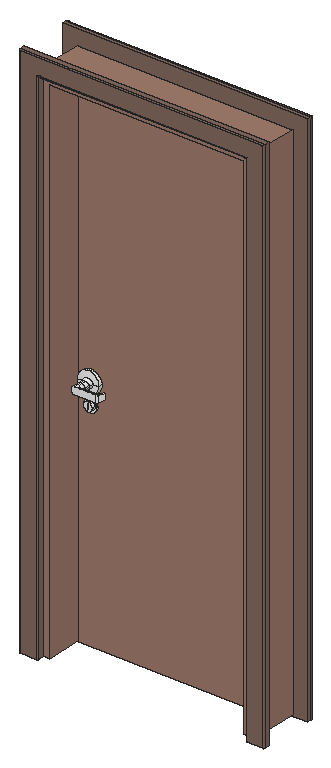
Revit family "Interior Door", category Doors, host Wall, Revit 2020
Family settings
  Host = Wall
  OmniClass Number = 23.30.10.00
  OmniClass Title = Doors
  Always vertical = Yes
  Cut with Voids When Loaded = No
  Shared = No
  Room Calculation Point = No
Parameters (values of type "1000mm x 2200mm")
  Visual Light Transmittance = 0
  Threshold Material = BEL-Threshold material-Marble
  Thickness = 54.00 mm
  Thermal Resistance (R) = 0.4557 (m²·K)/W
  Solar Heat Gain Coefficient = 0
  Panel Type = ""
  Location [instance] = ""
  Jamb Material = BEL-Jamb material- Dark stained african solid teakwood
  Door Type = "Semi Solid Flushed Wooden Door Bed Room Entrance"
  Define Thermal Properties by = Schematic Type
  Construction Type Id = "DOOR"
  Heat Transfer Coefficient (U) = 2.1944 W/(m²·K)
  Function = Interior
  Door Material = BEL-Panel material- Dark stained african teakwood veneer
  Frame Material = BEL-Frame material- Dark stained african teakwood
  Height = 2200.00 mm
  Trim Projection Ext = 25.00 mm
  Trim Projection Int = 25.00 mm
  Wall Closure = By host
  Width = 900.00 mm
  Analytic Construction = "Wooden"
Reference planes
  plane 1: y = 0
  plane 2: z = 0
  plane 3: x = 0
  plane 4: x = -450
  plane 5: x = 450
  plane 6: z = 2200
Forms (mm)
  Extrusion 1, solid, material "BEL-Panel material- Dark stained african teakwood veneer" <- "Door Material"
    sketch origin (0, 0, 0) x (1, 0, 0) y (0, 0, 1)
      loop
        line (-422, 2172) -> (-422, 5) -> (422, 5) -> (422, 2172) -> (-422, 2172)
    from -100 to -46
  Sweep 2, solid, material "BEL-Jamb material- Dark stained african solid teakwood" <- "Jamb Material"
    path origin (-1524, -125, 0) x (1, 0, 0) y (0, 0, 1)
      loop
        line (1074, 5) -> (1074, 2200) -> (1974, 2200) -> (1974, 5)
    profile origin (-450, -125, 1102.5) x (-1, 0, 0) y (0, -1, 0)
      loop
        line (-45, -87.875) -> (-45, -171) -> (-28, -171) -> (-28, -225) -> (0, -225) -> (0, -25) -> (-45, -25) -> (-45, -87.875)
  Sweep 3, solid, material "BEL-Frame material- Dark stained african teakwood"
    path origin (-1524, -125, 0) x (1, 0, 0) y (0, 0, 1)
      loop
        line (1074, 0) -> (1074, 2200) -> (1974, 2200) -> (1974, 0)
    profile origin (-450, -125, 1100) x (-1, 0, 0) y (0, -1, 0)
      loop
        arc (-15, -245.002) -> (-13.536, -248.536) -> (-10.002, -250) r 4.998
        line (-10.002, -250) -> (57.999, -250)
        arc (57.999, -250) -> (61.535, -248.535) -> (62.999, -244.999) r 5.001
        line (62.999, -244.999) -> (62.999, -225) -> (-15, -225) -> (-15, -245.002)
  Sweep 4, solid, material "BEL-Frame material- Dark stained african teakwood" <- "Frame Material"
    path origin (-1524, 125, 0) x (1, 0, 0) y (0, 0, -1)
      loop
        line (1074, 0) -> (1074, -2200) -> (1974, -2200) -> (1974, 0)
    profile origin (-450, 125, 1100) x (1, 0, 0) y (0, 1, 0)
      loop
        line (15, -245.002) -> (15, -225) -> (-62.999, -225) -> (-62.999, -244.999)
        arc (-62.999, -244.999) -> (-61.535, -248.535) -> (-57.999, -250) r 5.001
        line (-57.999, -250) -> (10.002, -250)
        arc (10.002, -250) -> (13.536, -248.536) -> (15, -245.002) r 4.998
Lines and regions (mm)
  Opening 1
    outline origin (-1524, -100, 3657.6) x (0, 0, -1) y (1, 0, 0)
      loop
        line (1457.6, 1074) -> (3657.6, 1074) -> (3657.6, 1974) -> (1457.6, 1974) -> (1457.6, 1074)
  symbolic lines, style "DoorsPanelProjection"
    curve 1: line (422, 100, 0) -> (373, 100, 0)
    curve 2: line (422, 100, 0) -> (422, 1000, 0)
    curve 3: line (422, 1000, 0) -> (373, 1000, 0)
    curve 4: line (373, 100, 0) -> (373, 1000, 0)
  symbolic lines, style "Elevation Swing"
    curve 5: line (-450, 0, 2200) -> (450, 0, 1100)
    curve 6: line (450, 0, 1100) -> (-450, 0, 0)
  symbolic lines, style "Doors"
    curve 7: arc (-422, 100, 0) -> (-214.002, 717.394, 0) -> (373, 1000, 0) r 839.317
Dimensions and locks
  equal spacing: plane 4, plane 3, plane 5
  "Width": plane 4 to plane 5
  host wall to curve 1 = 0.00 mm
  control icon elem to plane 5 = 254.408 mm
  "Height": plane 6 to plane 2
  curve 4 to plane 5 = 77.00 mm
  "Thickness": Extrusion 1 to host wall
  equal spacing: plane 6, curve 6, level
  "Trim Projection Ext": Sweep 3 sketch curve to Sweep 3 sketch curve
  "Thickness": Sweep 2 sketch curve to Sweep 2 sketch curve
  "Trim Projection Int": Sweep 4 sketch curve to Sweep 4 sketch curve
  locked: level to nested 2 at 1000
  locked: level to nested 3 at 910
  locked: nested 4 to level at 910
  locked: plane 4 to nested 3 at 100
  locked: plane 4 to nested 2 at 100
  locked: plane 4 to nested 4 at 100
  locked: plane 4 to nested 1 at 100
  "Width": curve 3 to curve 1
  locked: Sweep 2 sketch curve to level at 5  (x2)
  locked: nested 1 to level at 1000
  plane 4 to plane 5 = 900.00 mm
  aligned and locked: host wall to Extrusion 1
  aligned and locked: Sweep 2 sketch curve to host wall  (x2)
  aligned and locked: Sweep 3 sketch curve to Sweep 2
  aligned and locked: host wall to Sweep 4 sketch curve
  aligned and locked: nested 2 to Extrusion 1
  aligned and locked: Extrusion 1 to nested 3
  aligned and locked: nested 4 to Extrusion 1
Automatic sketch dimensions
  plane 4 to curve 5 = 0.00 mm
  curve 5 to plane 6 = 0.00 mm
  curve 6 to level = 0.00 mm
  plane 4 to curve 6 = 0.00 mm
  plane 5 to curve 5 = 0.00 mm
  plane 5 to Opening 1 sketch curve = 0.00 mm
  Opening 1 sketch curve to plane 6 = 0.00 mm
  Opening 1 sketch curve to level = 0.00 mm
  plane 4 to Opening 1 sketch curve = 0.00 mm
  plane 4 to Sweep 2 sketch curve = 0.00 mm
  plane 5 to Sweep 2 sketch curve = 0.00 mm
  Sweep 2 sketch curve to plane 6 = 0.00 mm
  plane 4 to Sweep 3 sketch curve = 0.00 mm
  plane 5 to Sweep 3 sketch curve = 0.00 mm
  Sweep 3 sketch curve to level = 0.00 mm  (x2)
  Sweep 3 sketch curve to plane 6 = 0.00 mm
  profile plane to Sweep 3 sketch curve = 15.00 mm
  Sweep 3 sketch curve to Sweep 3 sketch curve = 4.998 mm
  Sweep 3 sketch curve to profile plane = 57.999 mm
  Sweep 3 sketch curve to Sweep 3 sketch curve = 5.001 mm
  plane 4 to Sweep 4 sketch curve = 0.00 mm
  plane 5 to Sweep 4 sketch curve = 0.00 mm
  Sweep 4 sketch curve to plane 6 = 0.00 mm
  Sweep 4 sketch curve to level = 0.00 mm  (x2)
  profile plane to Sweep 4 sketch curve = 62.999 mm
  Sweep 4 sketch curve to Sweep 4 sketch curve = 5.001 mm
  Sweep 4 sketch curve to profile plane = 10.002 mm
  Sweep 4 sketch curve to profile plane = 15.00 mm
  plane 5 to curve 2 = 28.00 mm
  curve 7 to host wall = 0.00 mm
  plane 5 to curve 7 = 34.957 mm
  host wall to curve 7 = 61.737 mm
  plane 5 to curve 7 = 77.00 mm
  curve 7 to plane 4 = 28.00 mm
  level to Extrusion 1 sketch curve = 5.00 mm
  Extrusion 1 sketch curve to plane 4 = 28.00 mm
  plane 5 to Extrusion 1 sketch curve = 28.00 mm
  plane 6 to Extrusion 1 sketch curve = 28.00 mm
  Sweep 2 sketch curve to profile plane = 0.00 mm
  profile plane to Sweep 2 sketch curve = 28.00 mm
  profile plane to Sweep 2 sketch curve = 45.00 mm
  Sweep 2 sketch curve to Sweep 2 sketch curve = 62.875 mm
Nested families
  nested 1: "BEL-Door Lever" at (-350, 46, 1000) x (-1, 0, 0) z (0, -1, 0), type "Avalon"
    with offset 0.00 mm, handle finish Metal - IR - Satin Chrome, Lever Visible yes, Lever Swivel 0.00°, Knob Visible no
  nested 2: "BEL-Door Lever" at (-350, 100, 1000) x (-1, 0, 0) z (0, 1, 0), type "Type-01"
    with offset 0.00 mm, handle finish Metal - IR - Satin Chrome, Lever Visible yes, Lever Swivel 0.00°, Knob Visible no
  nested 3: "BEL-Door Lock" at (-350, 100, 910) x (-1, 0, 0) z (0, 1, 0), type "Cylinder"
    with offset 0.00 mm, handle finish Metal - IR - Satin Chrome, Lever Swivel 0.00°
  nested 4: "BEL-Door Lock" at (-350, 46, 910) x (-1, 0, 0) z (0, -1, 0), type "Cylinder"
    with offset 0.00 mm, handle finish Metal - IR - Satin Chrome, Lever Swivel 0.00°
Definition of nested family "BEL-Door Lever"
  Parameters
    offset [instance] = 0.00 mm
    handle finish [instance] = none
    Warranty Duration (Years) = 0
    URL = ""
    Specification = ""
    SpecWizard = ""
    Send Message = ""
    Sales Information = ""
    Revision = "R1_08-2013"
    Product Properties = ""
    Product Data = ""
    Model = "As Specified"
    Manufacturer Website = ""
    Manufacturer Phone - Toll Free = ""
    Manufacturer Phone = ""
    Manufacturer Fax = ""
    Manufacturer Address = ""
    Manufacturer = ""
    Maintenance Schedule (Months) = 0
    Lever Visible [instance] = yes
    Lever Swivel [instance] = 0.00°
    Keynote = ""
    Installation-Fabrication = ""
    Installation Phase = ""
    Green Building-LEED = ""
    Expected Lifespan (Years) = 0
    Drawn By = "Sumex Design, Inc. / Robert S. Weygant, CSI, CDT, SCIP"
    Description = ""
    Default Elevation = 1219.20 mm
    Copyright = "©Arcat Inc."
    Construction Details = ""
    Knob Visible [instance] = not(Lever Visible)  # no
    Assembly Code = ""
  Reference planes
    plane 1 "Center (Front/Back)": y = 0
    plane 2 "Bottom": z = 0
    plane 3 "Center Rig": x = 0
    plane 4: z = 82.55
  Forms (mm)
    Extrusion 1, solid, material <- "handle finish", visible <- "Lever Visible"
      sketch origin (0, 0, 36.314) x (-1, 0, 0) y (0, 0, 1)
        loop
          line (19.05, 0) -> (19.05, 20.96)
          arc (19.05, 20.96) -> (21.84, 27.695) -> (28.575, 30.485) r 9.525
          line (28.575, 30.485) -> (79.515, 30.485)
          arc (79.515, 30.485) -> (84.978, 28.762) -> (88.465, 24.217) r 9.525
          line (88.465, 24.217) -> (92.185, 13.997) -> (102.318, 17.289) -> (95.052, 39.654)
          arc (95.052, 39.654) -> (91.592, 44.417) -> (85.993, 46.236) r 9.525
          line (85.993, 46.236) -> (-19.05, 46.236) -> (-19.05, 0) -> (19.05, 0)
      from 15.875 to -15.875
    Extrusion 2, void
      sketch origin (0, 0, 0) x (0, -1, 0) y (-1, 0, 0)
        loop
          line (-15.875, 0) -> (-25.4, 0) -> (-25.4, -25.4) -> (25.4, -25.4) -> (25.4, 0) -> (15.875, 0)
          arc (15.875, 0) -> (0, -15.875) -> (-15.875, 0) r 15.875
      from 0 to -304.8
    Sweep 3, void
      path origin (0, 0, 36.314) x (-1, 0, 0) y (0, 0, 1)
        loop
          line (19.05, 0) -> (19.05, 20.96)
          arc (19.05, 20.96) -> (21.84, 27.695) -> (28.575, 30.485) r 9.525
          line (28.575, 30.485) -> (79.515, 30.485)
          arc (79.515, 30.485) -> (84.978, 28.762) -> (88.465, 24.217) r 9.525
          line (88.465, 24.217) -> (106.911, -26.463)
      profile origin (-19.05, 0, 46.794) x (1, 0, 0) y (0, 1, 0)
        loop
          line (0, 15.875) -> (0, 3.175)
          arc (0, 3.175) -> (3.72, 12.155) -> (12.7, 15.875) r 12.7
          line (12.7, 15.875) -> (0, 15.875)
        loop
          line (0, -15.875) -> (12.7, -15.875)
          arc (12.7, -15.875) -> (3.72, -12.155) -> (0, -3.175) r 12.7
          line (0, -3.175) -> (0, -15.875)
    Extrusion 4, void
      sketch origin (0, 0, 0) x (0, -1, 0) y (-1, 0, 0)
        loop
          line (-15.875, 85.993) -> (-9.401, 113.3) -> (-15.875, 113.3) -> (-15.875, 85.993)
        loop
          line (15.875, 85.993) -> (15.875, 113.3) -> (9.401, 113.3) -> (15.875, 85.993)
      from 304.8 to -304.8
    Revolve 5, solid, material <- "handle finish"
      sketch origin (0, 0, 0) x (1, 0, 0) y (0, 0, 1)
        loop
          line (0, 0) -> (44.45, 0) -> (44.45, 12.7) -> (19.05, 15.875) -> (15.077, 36.314) -> (0, 36.314) -> (0, 0)
        axis (0, 0) -> (0, 36.314)
      angle from 0 to 360
    Revolve 6, solid, material <- "handle finish", visible <- "Knob Visible"
      sketch origin (0, 0, 0) x (1, 0, 0) y (0, 0, 1)
        loop
          line (0, 36.314) -> (19.05, 36.314) -> (19.05, 49.014)
          arc (19.05, 49.014) -> (9.635, 51.187) -> (0, 51.916) r 63.973
          line (0, 51.916) -> (0, 36.314)
        axis (0, 36.314) -> (0, 51.916)
      angle from 0 to 360
  Cuts and joins
    Extrusion 2, Sweep 3, Extrusion 4 cuts Extrusion 1
  Lines and regions (mm)
    reference lines
      curve 1: line (0, 0, 0) -> (-196.85, 0, 0)
  Dimensions and locks
    Extrusion 1 sketch curve to Extrusion 1 sketch curve = 121.368 mm
    "Lever Swivel": angle curve 1 to plane 1 "Center (Front/Back)"
    aligned and locked: plane 3 "Center Rig" to curve 1
    aligned and locked: plane 1 "Center (Front/Back)" to curve 1
  Automatic sketch dimensions
    Extrusion 1 sketch curve to curve 1 = 36.314 mm
    Extrusion 1 sketch curve to curve 1 = 19.05 mm
    curve 1 to Extrusion 1 sketch curve = 19.05 mm
    Extrusion 1 sketch curve to Extrusion 1 sketch curve = 9.525 mm
    Extrusion 1 sketch curve to curve 1 = 66.799 mm
    Extrusion 1 sketch curve to Extrusion 1 sketch curve = 6.478 mm
    Extrusion 1 sketch curve to curve 1 = 60.531 mm
    Extrusion 1 sketch curve to Extrusion 1 sketch curve = 8.951 mm
    Extrusion 1 sketch curve to Extrusion 1 sketch curve = 9.059 mm
    Extrusion 1 sketch curve to curve 1 = 50.311 mm
    Extrusion 1 sketch curve to Extrusion 1 sketch curve = 3.72 mm
    Extrusion 1 sketch curve to curve 1 = 53.603 mm
    Extrusion 1 sketch curve to Extrusion 1 sketch curve = 10.133 mm
    Extrusion 1 sketch curve to Extrusion 1 sketch curve = 2.943 mm
    Sweep 3 sketch curve to curve 1 = 36.314 mm
    curve 1 to Sweep 3 sketch curve = 19.05 mm
    Sweep 3 sketch curve to Sweep 3 sketch curve = 9.525 mm
    Sweep 3 sketch curve to curve 1 = 57.274 mm
    Sweep 3 sketch curve to Sweep 3 sketch curve = 50.94 mm
    Sweep 3 sketch curve to curve 1 = 60.531 mm
    Sweep 3 sketch curve to Sweep 3 sketch curve = 8.951 mm
    Sweep 3 sketch curve to curve 1 = 9.851 mm
    Sweep 3 sketch curve to Sweep 3 sketch curve = 18.446 mm
    Sweep 3 sketch curve to profile plane = 0.00 mm  (x2)
    Sweep 3 sketch curve to profile plane = 3.175 mm
    Sweep 3 sketch curve to Sweep 3 sketch curve = 12.70 mm
    profile plane to Sweep 3 sketch curve = 3.175 mm
    Sweep 3 sketch curve to Sweep 3 sketch curve = 0.00 mm
    curve 1 to Extrusion 4 sketch curve = 15.875 mm
    Extrusion 4 sketch curve to Extrusion 4 sketch curve = 6.474 mm  (x2)
    Extrusion 4 sketch curve to curve 1 = 9.401 mm
    curve 1 to Extrusion 4 sketch curve = 83.55 mm
    Extrusion 4 sketch curve to Extrusion 4 sketch curve = 0.00 mm
    Extrusion 4 sketch curve to Extrusion 4 sketch curve = 27.307 mm  (x2)
    Extrusion 2 sketch curve to curve 1 = 25.40 mm
    Extrusion 2 sketch curve to curve 1 = 0.00 mm  (x2)
    curve 1 to Extrusion 2 sketch curve = 15.875 mm
    curve 1 to Extrusion 2 sketch curve = 25.40 mm
    Extrusion 2 sketch curve to Extrusion 2 sketch curve = 25.40 mm
    Revolve 5 sketch curve to plane 3 "Center Rig" = 0.00 mm  (x2)
    Revolve 5 sketch curve to level = 0.00 mm
    plane 3 "Center Rig" to Revolve 5 sketch curve = 15.077 mm
    plane 3 "Center Rig" to Revolve 5 sketch curve = 19.05 mm
    level to Revolve 5 sketch curve = 12.70 mm
    Revolve 5 sketch curve to Revolve 5 sketch curve = 25.40 mm
    Revolve 5 sketch curve to level = 152.40 mm
    level to Revolve 5 sketch curve = 15.875 mm
    Revolve 5 sketch curve to Revolve 5 sketch curve = 20.439 mm
    Revolve 5 sketch curve to plane 4 = 82.55 mm
    Revolve 6 sketch curve to plane 3 "Center Rig" = 0.00 mm  (x2)
    plane 3 "Center Rig" to Revolve 6 sketch curve = 19.05 mm
    Revolve 6 sketch curve to level = 58.966 mm
    Revolve 6 sketch curve to level = 12.057 mm
    Revolve 6 sketch curve to Revolve 6 sketch curve = 12.70 mm
    Revolve 6 sketch curve to Revolve 6 sketch curve = 15.602 mm
    Revolve 6 sketch curve to plane 4 = 36.284 mm
Definition of nested family "BEL-Door Lock"
  Parameters
    offset [instance] = 0.00 mm
    handle finish [instance] = none
    Warranty Duration (Years) = 0
    URL = ""
    Thumbpiece = yes
    Specification = ""
    SpecWizard = ""
    Send Message = ""
    Sales Information = ""
    Rose = no
    Revision = "R1_08-2013"
    Product Properties = ""
    Product Data = ""
    Model = "As Specified"
    Manufacturer Website = ""
    Manufacturer Phone - Toll Free = ""
    Manufacturer Phone = ""
    Manufacturer Fax = ""
    Manufacturer Address = ""
    Manufacturer = ""
    Maintenance Schedule (Months) = 0
    Lever Swivel [instance] = 0.00°
    Keynote = ""
    Installation-Fabrication = ""
    Installation Phase = ""
    Green Building-LEED = ""
    Expected Lifespan (Years) = 0
    Drawn By = "Sumex Design, Inc. / Robert S. Weygant, CSI, CDT, SCIP"
    Description = ""
    Default Elevation = 1219.20 mm
    Cylinder = yes
    Copyright = "©Arcat Inc."
    Construction Details = ""
    Assembly Code = ""
    Access Plate = yes
  Reference planes
    plane 1 "Center (Front/Back)": y = 0
    plane 2 "Bottom": z = 0
    plane 3 "Center Rig": x = 0
    plane 4: z = 69.85
    plane 5: y = 127
  Forms (mm)
    Extrusion 1, solid, material <- "handle finish", visible <- "Cylinder"
      sketch origin (0, 0, 0) x (1, 0, 0) y (0, 1, 0)
        loop
          circle (0, 0) r 27
      from 0 to 3.175
    Extrusion 2, solid, material <- "handle finish", visible <- "Cylinder"
      sketch origin (0, 0, 0) x (1, 0, 0) y (0, 1, 0)
        loop
          circle (0, 0) r 18
        loop
          line (-0.5, 12) -> (-0.5, -12) -> (0.5, -12) -> (0.5, 12) -> (-0.5, 12)
      from 0 to 14.529
    Extrusion 3, solid, material <- "handle finish", visible <- "Rose"
      sketch origin (0, 0, 0) x (1, 0, 0) y (0, 1, 0)
        loop
          circle (0, 0) r 25
      from 0 to 12.7
  Cuts and joins
    joined: Extrusion 1, Extrusion 2
  Lines and regions (mm)
    reference lines
      curve 1: line (0, 0, 0) -> (-196.85, 0, 0)
  Dimensions and locks
    "Lever Swivel": angle curve 1 to plane 1 "Center (Front/Back)"
    aligned and locked: plane 3 "Center Rig" to curve 1
    aligned and locked: plane 1 "Center (Front/Back)" to curve 1
  Automatic sketch dimensions
    plane 1 "Center (Front/Back)" to Extrusion 3 sketch curve = 0.00 mm
    Extrusion 3 sketch curve to plane 3 "Center Rig" = 0.00 mm
    plane 1 "Center (Front/Back)" to Extrusion 1 sketch curve = 0.00 mm
    Extrusion 1 sketch curve to plane 3 "Center Rig" = 0.00 mm
    plane 1 "Center (Front/Back)" to Extrusion 2 sketch curve = 0.00 mm
    Extrusion 2 sketch curve to plane 3 "Center Rig" = 0.00 mm
    Extrusion 2 sketch curve to plane 3 "Center Rig" = 0.50 mm
    plane 3 "Center Rig" to Extrusion 2 sketch curve = 0.50 mm
    Extrusion 2 sketch curve to plane 1 "Center (Front/Back)" = 12.00 mm
    plane 1 "Center (Front/Back)" to Extrusion 2 sketch curve = 12.00 mm
    radius of Extrusion 1 sketch curve = 27.00 mm
    radius of Extrusion 3 sketch curve = 25.00 mm
    radius of Extrusion 2 sketch curve = 18.00 mm
